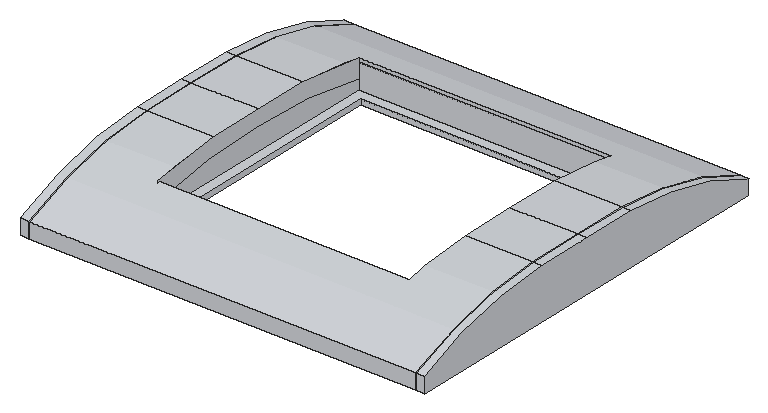
Revit family "Gira_021181", category Electrical Fixtures, host Face, Revit 2017
Family settings
  Host = Face
  Maintain Annotation Orientation = No
  Round Connector Dimension = Use Diameter
  Part Type = Normal
  Cut with Voids When Loaded = No
  Shared = No
  Room Calculation Point = No
Parameters (values of type "Abdeckrahmen 1f Zwischenr. F Alu Gira Event Anthrazit")
  Werkstoffgüte = "Thermoplast"
  Werkstoff = "Kunststoff"
  URL = "http://katalog.gira.de/de_DE/datenblatt.html?artikelnr=021181"
  Transparent = "No"
  Textfeld/Beschriftungsfläche = "No"
  Schutzart (IP) = "IP20"
  Region = "DE"
  Oberfläche = "sonstige"
  Name = "Abdeckrahmen 1f Zwischenr. F Alu Gira Event Anthrazit"
  Montagerichtung = "horizontal und vertikal"
  Mit Montagerahmen = "No"
  Mit Klappdeckel = "No"
  Manufacturer URL = "https://www.gira.de/"
  Keynote = "Event_Rahmen_1fach"
  HeinzeBIM = "https://bimportal.heinze.de/bim/abdeckrahmen-1f-zwischenr-f-alu-gira-event-anthrazit/a46dd31be99142b111363a6503e4e1d2543618ad"
  Halogenfrei = "Yes"
  HAN = "021181"
  Geeignet für Unterputz-Installation = "Yes"
  Geeignet für Unterflurkanaldose = "No"
  Geeignet für Geräteeinbaukanal = "No"
  Geeignet für Einbauinstallation = "No"
  GTIN = "4010337211815"
  Farbe = "anthrazit"
  Default Elevation = 1219.2 mm
  Data sheet (1) = "https://katalog.gira.de/de_DE/download.html?artikelnr=021181"
  Category = "Abdeckrahmen"
  Befestigungsart = "Klemmbefestigung"
  Available = "Yes"
  Anzahl der Einheiten vertikal = "1 "
  Anzahl der Einheiten horizontal = "1 "
  Anzahl der Einheiten = "1 "
Reference planes
  plane 1 "Center (Front/Back)": y = 0
  plane 2: z = 0
  plane 3 "Center (Left/Right)": x = 0
Forms (mm)
  Extrusion 1, solid, detail levels fine
    sketch origin (0, 0, 1.55) x (0, 1, 0) y (0, 0, 1)
      loop
        arc (12.445, 9.683) -> (6.223, 9.833) -> (0, 9.85) r 291.636
        arc (0, 9.85) -> (-6.223, 9.833) -> (-12.445, 9.683) r 291.636
        arc (-12.445, 9.683) -> (-29.14, 7.482) -> (-45, 1.823) r 79.728
        line (-45, 1.823) -> (-45, -1.55) -> (-41.777, -1.55) -> (-41.777, -0.55)
        arc (-41.777, -0.55) -> (-21.205, 4.846) -> (0, 6.467) r 118.15
        arc (0, 6.467) -> (21.205, 4.846) -> (41.777, -0.55) r 118.15
        line (41.777, -0.55) -> (41.777, -1.55) -> (45, -1.55) -> (45, 1.823)
        arc (45, 1.823) -> (29.14, 7.482) -> (12.445, 9.683) r 79.728
    from -43 to 43
  Extrusion 2, void, detail levels fine
    sketch origin (0, 0, 0) x (1, 0, 0) y (0, 1, 0)
      loop
        line (-28, -28) -> (28, -28) -> (28, 28) -> (-28, 28) -> (-28, -28)
    from 2.85 to 12
  Extrusion 3, solid, detail levels coarse
    sketch origin (0, 0, 0) x (1, 0, 0) y (0, 1, 0)
      loop
        line (-45, 45) -> (-45, -45) -> (45, -45) -> (45, 45) -> (-45, 45)
    from 0 to 11.4
  Extrusion 4, solid, detail levels medium
    sketch origin (0, 0, 1.55) x (0, 1, 0) y (0, 0, 1)
      loop
        arc (12.445, 9.683) -> (6.223, 9.833) -> (0, 9.85) r 291.636
        arc (0, 9.85) -> (-6.223, 9.833) -> (-12.445, 9.683) r 291.636
        arc (-12.445, 9.683) -> (-29.14, 7.482) -> (-45, 1.823) r 79.728
        line (-45, 1.823) -> (-45, -1.55) -> (45, -1.55) -> (45, 1.823)
        arc (45, 1.823) -> (29.14, 7.482) -> (12.445, 9.683) r 79.728
    from -45 to 45
  Extrusion 5, solid, detail levels fine
    sketch origin (0, 0, 0) x (0, 1, 0) y (0, 0, 1)
      loop
        arc (45, 3.373) -> (29.14, 9.032) -> (12.445, 11.233) r 79.728
        arc (12.445, 11.233) -> (6.223, 11.383) -> (0, 11.4) r 291.636
        arc (0, 11.4) -> (-6.223, 11.383) -> (-12.445, 11.233) r 291.636
        arc (-12.445, 11.233) -> (-29.14, 9.032) -> (-45, 3.373) r 79.728
        line (-45, 3.373) -> (-45, 0) -> (45, 0) -> (45, 3.373)
    from 43 to 45
  Extrusion 6, solid, detail levels fine
    sketch origin (0, 0, 0) x (0, 1, 0) y (0, 0, -1)
      loop
        line (45, -3.373) -> (45, 0) -> (-45, 0) -> (-45, -3.373)
        arc (-45, -3.373) -> (-29.14, -9.032) -> (-12.445, -11.233) r 79.728
        arc (-12.445, -11.233) -> (-6.223, -11.383) -> (0, -11.4) r 291.636
        arc (0, -11.4) -> (6.223, -11.383) -> (12.445, -11.233) r 291.636
        arc (12.445, -11.233) -> (29.14, -9.032) -> (45, -3.373) r 79.728
    from 43 to 45
  Extrusion 7, solid, detail levels fine
    sketch origin (0, 0, 0) x (1, 0, 0) y (0, 1, 0)
      loop
        line (-25.7, 25.7) -> (-25.7, -25.7) -> (25.7, -25.7) -> (25.7, 25.7) -> (-25.7, 25.7)
      loop
        line (-29.495, 27.895) -> (-29.495, -27.895)
        spline (-29.495, -27.895) -> (-29.486, -28.025) -> (-29.461, -28.154) -> (-29.419, -28.278) -> (-29.361, -28.395) -> (-29.288, -28.504) -> (-29.202, -28.602) -> (-29.104, -28.688) -> (-28.995, -28.761) -> (-28.878, -28.819) -> (-28.754, -28.861) -> (-28.625, -28.886) -> (-28.495, -28.895)
        line (-28.495, -28.895) -> (28.495, -28.895)
        spline (28.495, -28.895) -> (28.625, -28.886) -> (28.754, -28.861) -> (28.878, -28.819) -> (28.995, -28.761) -> (29.104, -28.688) -> (29.202, -28.602) -> (29.288, -28.504) -> (29.361, -28.395) -> (29.419, -28.278) -> (29.461, -28.154) -> (29.486, -28.025) -> (29.495, -27.895)
        line (29.495, -27.895) -> (29.495, 27.895)
        spline (29.495, 27.895) -> (29.486, 28.025) -> (29.461, 28.154) -> (29.419, 28.278) -> (29.361, 28.395) -> (29.288, 28.504) -> (29.202, 28.602) -> (29.104, 28.688) -> (28.995, 28.761) -> (28.878, 28.819) -> (28.754, 28.861) -> (28.625, 28.886) -> (28.495, 28.895)
        line (28.495, 28.895) -> (-28.495, 28.895)
        spline (-28.495, 28.895) -> (-28.625, 28.886) -> (-28.754, 28.861) -> (-28.878, 28.819) -> (-28.995, 28.761) -> (-29.104, 28.688) -> (-29.202, 28.602) -> (-29.288, 28.504) -> (-29.361, 28.395) -> (-29.419, 28.278) -> (-29.461, 28.154) -> (-29.486, 28.025) -> (-29.495, 27.895)
    from 1.673 to 8.5
Cuts and joins
  Extrusion 2 cuts Extrusion 1
  Extrusion 2 cuts Extrusion 7
Dimensions and locks
  aligned and locked: plane 2 to host face
  aligned and locked: level to host face
